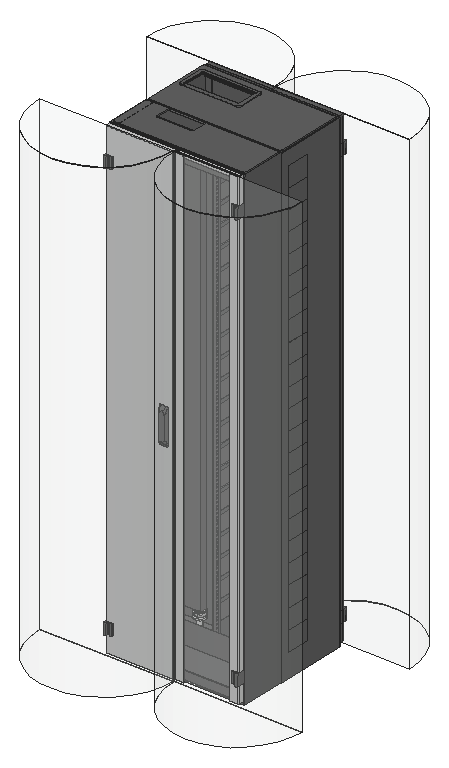
Revit family "Data_Device-Network-Leviton-Distribution_Frame-HDX_F3168", category Data Devices, host Face, Revit 2026 (continued)
Automatic sketch dimensions
  Extrusion 16 sketch curve to Extrusion 16 sketch curve = 0.21752"
  Extrusion 16 sketch curve to plane 6 "Frame Left" = 0.07736"
  plane 4 "Door Kit Rear" to Extrusion 16 sketch curve = 0.35433"
  Extrusion 16 sketch curve to Extrusion 16 sketch curve = 0.13976"
  Extrusion 16 sketch curve to Extrusion 16 sketch curve = 0.19225"
  Extrusion 16 sketch curve to Extrusion 16 sketch curve = 0.05249"
  Extrusion 16 sketch curve to Extrusion 16 sketch curve = 0"  (x4)
  plane 3 "Center (Left/Right)" to Blend 17 sketch curve = 0.99683"
  level to Blend 17 sketch curve = 36.86618"
  Blend 17 sketch curve to Blend 17 sketch curve = 0.07875"
  Blend 17 sketch curve to Blend 17 sketch curve = 0.079"
  Blend 17 sketch curve to Blend 17 sketch curve = 6.14144"
  Blend 17 sketch curve to Blend 17 sketch curve = 0.00001"
  Blend 17 sketch curve to Blend 17 sketch curve = 0.00003"
  Blend 17 sketch curve to Blend 17 sketch curve = 0.07872"
  Blend 17 sketch curve to Blend 17 sketch curve = 1.25958"
  Blend 17 sketch curve to Blend 17 sketch curve = 0.07873"
  Blend 17 sketch curve to Blend 17 sketch curve = 0"  (x14)
  plane 3 "Center (Left/Right)" to Blend 17 sketch curve = 1.6265"
  level to Blend 17 sketch curve = 37.9685"
  Blend 17 sketch curve to Blend 17 sketch curve = 4.01575"
  Blend 17 sketch curve to Blend 17 sketch curve = 0.51181"
  Blend 17 sketch curve to Blend 17 sketch curve = 0.4454"  (x2)
  plane 3 "Center (Left/Right)" to Extrusion 18 sketch curve = 0.7042"  (x3)
  Extrusion 18 sketch curve to Extrusion 18 sketch curve = 0"  (x129)
  Extrusion 18 sketch curve to plane 7 "Frame Right" = 1"  (x44)
  level to Extrusion 18 sketch curve = 4.75"
  level to Extrusion 18 sketch curve = 5.37484"
  Extrusion 18 sketch curve to Extrusion 18 sketch curve = 0.625"  (x88)
  Extrusion 18 sketch curve to Extrusion 18 sketch curve = 0.5"  (x43)
  Extrusion 18 sketch curve to Extrusion 18 sketch curve = 1.75"  (x43)
  Extrusion 19 sketch curve to plane 4 "Door Kit Rear" = 0"  (x2)
  plane 6 "Frame Left" to Extrusion 19 sketch curve = 11.07484"
  Extrusion 19 sketch curve to plane 6 "Frame Left" = 0.31358"
  Extrusion 19 sketch curve to plane 3 "Center (Left/Right)" = 0.1185"
  Extrusion 19 sketch curve to plane 7 "Frame Right" = 0.30571"
  plane 4 "Door Kit Rear" to Extrusion 19 sketch curve = 0.35433"  (x2)
  Extrusion 20 sketch curve to Extrusion 20 sketch curve = 0"  (x11)
  plane 15 to Extrusion 20 sketch curve = 1.07945"
  Extrusion 20 sketch curve to Extrusion 20 sketch curve = 0.1295"
  Extrusion 20 sketch curve to Extrusion 20 sketch curve = 0.18086"
  Extrusion 20 sketch curve to Extrusion 20 sketch curve = 0.06956"
  Extrusion 20 sketch curve to Extrusion 20 sketch curve = 0.12884"
  Extrusion 20 sketch curve to Extrusion 20 sketch curve = 0.15499"
  Extrusion 20 sketch curve to Extrusion 20 sketch curve = 0.05589"
  Extrusion 20 sketch curve to Extrusion 20 sketch curve = 0.05887"
  Extrusion 20 sketch curve to Extrusion 20 sketch curve = 0.04777"
  Extrusion 20 sketch curve to Extrusion 20 sketch curve = 0.14228"
  Extrusion 20 sketch curve to Extrusion 20 sketch curve = 0.22965"
  Extrusion 20 sketch curve to Extrusion 20 sketch curve = 0.05454"
  Extrusion 20 sketch curve to Extrusion 20 sketch curve = 0.10664"
  Extrusion 20 sketch curve to Extrusion 20 sketch curve = 0.19425"
  Extrusion 20 sketch curve to Extrusion 20 sketch curve = 0.13985"
  Extrusion 20 sketch curve to Extrusion 20 sketch curve = 0.05238"
  Extrusion 20 sketch curve to Extrusion 20 sketch curve = 0.12943"
  Extrusion 20 sketch curve to Extrusion 20 sketch curve = 0.07999"
  Extrusion 20 sketch curve to Extrusion 20 sketch curve = 0.19355"
  Extrusion 20 sketch curve to Extrusion 20 sketch curve = 0.12941"
  Extrusion 20 sketch curve to Extrusion 20 sketch curve = 0.35459"
  Extrusion 20 sketch curve to Extrusion 20 sketch curve = 0.11161"
  plane 10 to Extrusion 20 sketch curve = 1.348"
  Extrusion 20 sketch curve to Extrusion 20 sketch curve = 0.03232"
  Extrusion 20 sketch curve to Extrusion 20 sketch curve = 0.03249"
  Extrusion 20 sketch curve to Extrusion 20 sketch curve = 0.23474"
  Extrusion 20 sketch curve to Extrusion 20 sketch curve = 0.00006"
  Extrusion 20 sketch curve to Extrusion 20 sketch curve = 0.11895"
  Extrusion 20 sketch curve to Extrusion 20 sketch curve = 0.29829"
  plane 10 to Extrusion 20 sketch curve = 1.23722"
  Extrusion 20 sketch curve to Extrusion 20 sketch curve = 0.11294"
  Extrusion 20 sketch curve to Extrusion 20 sketch curve = 0.12825"
  Extrusion 20 sketch curve to Extrusion 20 sketch curve = 0.15187"
  Extrusion 20 sketch curve to Extrusion 20 sketch curve = 0.15418"
  plane 10 to Extrusion 20 sketch curve = 0.75462"
  Extrusion 20 sketch curve to Extrusion 20 sketch curve = 0.09581"
  Extrusion 20 sketch curve to Extrusion 20 sketch curve = 0.09584"
  Extrusion 20 sketch curve to Extrusion 20 sketch curve = 0.13055"
  Extrusion 20 sketch curve to Extrusion 20 sketch curve = 0.00829"
  Extrusion 20 sketch curve to Extrusion 20 sketch curve = 0.01128"
  Extrusion 20 sketch curve to Extrusion 20 sketch curve = 0.06018"
  Extrusion 20 sketch curve to Extrusion 20 sketch curve = 0.22623"
  Extrusion 20 sketch curve to Extrusion 20 sketch curve = 0.11901"
  Extrusion 20 sketch curve to Extrusion 20 sketch curve = 0.1078"
  Extrusion 20 sketch curve to Extrusion 20 sketch curve = 0.00362"
  Extrusion 20 sketch curve to Extrusion 20 sketch curve = 0.14255"
  Extrusion 20 sketch curve to Extrusion 20 sketch curve = 0.0958"
  Extrusion 20 sketch curve to Extrusion 20 sketch curve = 0.06123"
  Extrusion 20 sketch curve to Extrusion 20 sketch curve = 0.06311"
  Extrusion 20 sketch curve to Extrusion 20 sketch curve = 0.19579"
  Extrusion 20 sketch curve to Extrusion 20 sketch curve = 0.12112"
  Extrusion 20 sketch curve to Extrusion 20 sketch curve = 0.22755"
  Extrusion 20 sketch curve to Extrusion 20 sketch curve = 0.19876"
  Extrusion 20 sketch curve to Extrusion 20 sketch curve = 0.12206"
  Extrusion 20 sketch curve to Extrusion 20 sketch curve = 0.11907"
  Extrusion 20 sketch curve to Extrusion 20 sketch curve = 0.03245"
  Extrusion 21 sketch curve to plane 8 = 1.05218"  (x15)
  plane 10 to Extrusion 21 sketch curve = 2.82207"
  Extrusion 21 sketch curve to plane 14 "Pivot" = 1.0598"  (x14)
  Extrusion 21 sketch curve to Extrusion 21 sketch curve = 3.49"  (x22)
  Extrusion 21 sketch curve to Extrusion 21 sketch curve = 0.01011"  (x11)
  Extrusion 21 sketch curve to Extrusion 21 sketch curve = 0.01019"  (x5)
  Extrusion 21 sketch curve to Extrusion 21 sketch curve = 0.00988"  (x3)
  Extrusion 21 sketch curve to Extrusion 21 sketch curve = 0.00956"
  Extrusion 21 sketch curve to Extrusion 21 sketch curve = 0.00924"
  Extrusion 21 sketch curve to Extrusion 21 sketch curve = 0"  (x15)
  Extrusion 22 sketch curve to plane 8 = 1.05218"  (x11)
  plane 10 to Extrusion 22 sketch curve = 2.82207"
  Extrusion 22 sketch curve to plane 14 "Pivot" = 1.0598"  (x15)
  Extrusion 22 sketch curve to Extrusion 22 sketch curve = 3.49"  (x22)
  Extrusion 22 sketch curve to Extrusion 22 sketch curve = 0.01011"  (x11)
  Extrusion 22 sketch curve to Extrusion 22 sketch curve = 0.01019"  (x5)
  Extrusion 22 sketch curve to Extrusion 22 sketch curve = 0.00988"  (x3)
  Extrusion 22 sketch curve to Extrusion 22 sketch curve = 0.00956"
  Extrusion 22 sketch curve to Extrusion 22 sketch curve = 0.00924"
  Extrusion 22 sketch curve to Extrusion 22 sketch curve = 0"  (x18)
  curve 2 to plane 4 "Door Kit Rear" = 0"
  curve 5 to plane 4 "Door Kit Rear" = 0"
  plane 6 "Frame Left" to curve 3 = 11.07484"
  curve 2 to plane 6 "Frame Left" = 0.31358"
  curve 5 to plane 3 "Center (Left/Right)" = 0.1185"
  curve 4 to plane 7 "Frame Right" = 0.30571"
  plane 4 "Door Kit Rear" to curve 2 = 0.35433"
  plane 4 "Door Kit Rear" to curve 4 = 0.35433"
  radius of Extrusion 18 sketch curve = 0.0945"  (x176)
  radius of Extrusion 20 sketch curve = 0.11253"
Nested families (in)
  nested 1: "Data_Device-Network-Leviton-Distribution_Frame-HDX-F3168-Cable_Manager" at (-9.3815, 6.0127, 76.63897), type "F3168-22F Cable Manager"
  nested 2: "Data_Device-Network-Leviton-Distribution_Frame-HDX-F3168-Cable_Manager" at (-9.3815, 6.0127, 68.63897), type "F3168-22F Cable Manager"
  nested 3: "Data_Device-Network-Leviton-Distribution_Frame-HDX-F3168-Cable_Manager" at (-9.3815, 6.0127, 60.63897), type "F3168-22F Cable Manager"
  nested 4: "Data_Device-Network-Leviton-Distribution_Frame-HDX-F3168-Cable_Manager" at (-9.3815, 6.0127, 52.63897), type "F3168-22F Cable Manager"
  nested 5: "Data_Device-Network-Leviton-Distribution_Frame-HDX-F3168-Cable_Manager" at (-9.3815, 6.0127, 44.63897), type "F3168-22F Cable Manager"
  nested 6: "Data_Device-Network-Leviton-Distribution_Frame-HDX-F3168-Cable_Manager" at (-9.3815, 6.0127, 36.63897), type "F3168-22F Cable Manager"
  nested 7: "Data_Device-Network-Leviton-Distribution_Frame-HDX-F3168-Cable_Manager" at (-9.3815, 6.0127, 28.63897), type "F3168-22F Cable Manager"
  nested 8: "Data_Device-Network-Leviton-Distribution_Frame-HDX-F3168-Cable_Manager" at (-9.3815, 6.0127, 20.63897), type "F3168-22F Cable Manager"
  nested 9: "Data_Device-Network-Leviton-Distribution_Frame-HDX-F3168-Cable_Manager" at (-9.3815, 6.0127, 12.63897), type "F3168-22F Cable Manager"
  nested 10: "Data_Device-Network-Leviton-Distribution_Frame-HDX_F3168-FDR" at (0, 0, 0), visible <- "Optional Door Kit", type "F3168-FDR"
    with z Door Kit Visible yes, z Connector Detail Visible no, z Collapse no, Width 23.89", Weight 0.00 lbf, UPC Code "", Serial Number "", Port Count 0, Part Number "F3168-FDR", Optional Door Kit yes, Height 84.1", Fiber Type "", Depth 9.87", Channel Count 0
Definition of nested family "Data_Device-Network-Leviton-Distribution_Frame-HDX-F3168-Cable_Manager"
  Parameters
    Material = none
    Default Elevation = 48"
  Reference planes (in)
    plane 1 "Center (Front/Back)": y = 0
    plane 2: z = 0
    plane 3 "Center (Left/Right)": x = 0
  Forms (in)
    Revolve 1, solid, material <- "Material"
      sketch origin (0, 0, 0) x (0, 1, 0) y (0, 0, 1)
        loop
          arc (-6.05768, 1.40408) -> (-6.57993, 1.62807) -> (-6.7952, 2.15397) r 0.75
          line (-6.7952, 2.15397) -> (-6.8952, 2.15397)
          arc (-6.8952, 2.15397) -> (-6.65124, 1.55797) -> (-6.05939, 1.30409) r 0.85
          line (-6.05939, 1.30409) -> (-0.1, 1.20007) -> (-0.1, 0) -> (0, 0) -> (0, 1.29834) -> (-6.05768, 1.40408)
        axis (0, 0) -> (-6.8952, 0)
      angle from 0 to 360
    Extrusion 2, solid, material <- "Material"
      sketch origin (0, 0, 0) x (1, 0, 0) y (0, 0, 1)
        loop
          arc (1.43543, 2.04915) -> (-1.4443, 3.0967) -> (-2.4922, 0.21709) r 2.16695
          line (-2.4922, 0.21709) -> (-1.43565, -2.04868)
          arc (-1.43565, -2.04868) -> (1.44369, -3.09698) -> (2.49255, -0.21785) r 2.16695
          line (2.49255, -0.21785) -> (1.43543, 2.04915)
        loop
          circle (0, 0) r 2.15397
      from 6.7952 to 6.8952
  Dimensions and locks (in)
    aligned and locked: plane 2 to level
Definition of nested family "Data_Device-Network-Leviton-Distribution_Frame-HDX_F3168-FDR"
  Parameters (values of type "F3168-FDR")
    z Door Kit Visible [instance] = Optional Door Kit  # yes
    z Connector Detail Visible [instance] = not(z Door Kit Visible)  # no
    z Collapse [instance] = not(Optional Door Kit)  # no
    Width [instance] = 23.89"  # constant formula
    Weight [instance] = 0.00 lbf
    URL = "http://www.leviton.com/networksolutions"
    UPC Code [instance] = "078477660805"
    Type Comments = ""
    Technical Support Phone Number = "1-800-824-3005"  # constant formula
    Serial Number [instance] = ""
    Provide Feedback = "http://www.leviton.com/BIMfeedback"
    Product Documentation Link = "https://leviton.com/products/f3168-fdr"
    Product Configurator Link = ""
    Port Count [instance] = 0
    Part Number [instance] = "F3168-FDR"  # constant formula
    Part Description = Description  # "HDX Frame Front Door Kit"
    Original Creation Date = "2025"  # constant formula
    Optional Door Kit [instance] = yes
    Model Disclaimer = "https://leviton.com/support/resources/product-support/network-solutions/bim-objects/bim-library"
    Model = "F3168-FDR"  # constant formula
    Manufacturer = "Leviton"  # constant formula
    Height [instance] = 84.1"  # constant formula
    Fiber Type [instance] = ""
    Family Version = "1.0"  # constant formula
    Equipment Type = ""
    Equipment Abbreviation = "HDX"  # constant formula
    Description = "HDX Frame Front Door Kit"  # constant formula
    Depth [instance] = 9.87"  # constant formula
    Default Elevation = 0"
    Date Last Modified = "2025"  # constant formula
    Copyright = "Copyright © 2025 Leviton Manufacturing Co., Inc."  # constant formula
    Check for Latest Version = "https://leviton.com/support/resources/product-support/network-solutions/bim-objects/bim-library"
    Channel Count [instance] = 0
    Assembly Code = "D5030600"
    Annotation Symbol is Visible = yes
  Reference planes (in)
    plane 1 "Door Kit Front": y = 6.0725
    plane 2 "Floor": z = 0
    plane 3 "Center (Left/Right)": x = -0.9065
    plane 4: y = -2.95113
    plane 5: x = -12.8515
    plane 6: x = 11.0385
    plane 7: z = 84.1
    plane 8: y = -1.82291
    plane 9: z = 81.93792
  Forms (in)
    Extrusion 1, solid, not visible, detail levels fine
      sketch origin (0, 0, 0) x (1, 0, 0) y (0, 1, 0)
        loop
          line (-34.9315, 46.0725) -> (-34.9315, -16.15111) -> (33.4524, -16.15111) -> (33.4524, 46.0725) -> (-34.9315, 46.0725)
      from 0 to -7.88728
    Extrusion 2, solid
      sketch origin (0, 0, 0) x (1, 0, 0) y (0, 1, 0)
        loop
          line (10.9339, -1.8229) -> (9.53475, -1.8229) -> (9.53475, -1.9275) -> (10.9235, -1.9275)
          arc (10.9235, -1.9275) -> (11.00482, -1.89382) -> (11.0385, -1.8125) r 0.115
          line (11.0385, -1.8125) -> (11.0385, 6.0725) -> (10.9339, 6.0725) -> (10.9339, -1.8229)
        loop
          line (-12.7469, -1.82291) -> (-12.7469, 6.0725) -> (-12.8515, 6.0725) -> (-12.8515, -1.81251)
          arc (-12.8515, -1.81251) -> (-12.81782, -1.89382) -> (-12.7365, -1.92751) r 0.115
          line (-12.7365, -1.92751) -> (-11.3515, -1.92751) -> (-11.3515, -1.82291) -> (-12.7469, -1.82291)
      from 0 to 83.99688
    Extrusion 3, solid
      sketch origin (0, 0, 84.18) x (-1, 0, 0) y (0, -1, 0)
        loop
          line (-10.3435, -6.0725) -> (1.9565, -6.0725)
          arc (1.9565, -6.0725) -> (2.09792, -6.01392) -> (2.1565, -5.8725) r 0.2
          line (2.1565, -5.8725) -> (2.1565, -3.27271)
          arc (2.1565, -3.27271) -> (2.21508, -3.13129) -> (2.3565, -3.07271) r 0.2
          line (2.3565, -3.07271) -> (8.45613, -3.07241)
          arc (8.45613, -3.07241) -> (8.59778, -3.13116) -> (8.65627, -3.27293) r 0.20014
          line (8.65627, -3.27293) -> (8.65627, -5.8725)
          arc (8.65627, -5.8725) -> (8.71508, -6.01392) -> (8.8565, -6.0725) r 0.2
          line (8.8565, -6.0725) -> (12.15645, -6.0725)
          arc (12.15645, -6.0725) -> (12.50997, -5.92559) -> (12.65641, -5.57207) r 0.49995
          line (12.65641, -5.57207) -> (12.65641, 1.17699)
          arc (12.65641, 1.17699) -> (12.5101, 1.53091) -> (12.15632, 1.67755) r 0.50009
          line (12.15632, 1.67755) -> (-10.3435, 1.67755)
          arc (-10.3435, 1.67755) -> (-10.69705, 1.53091) -> (-10.8435, 1.17735) r 0.5
          line (-10.8435, 1.17735) -> (-10.8435, -5.57232)
          arc (-10.8435, -5.57232) -> (-10.69711, -5.92599) -> (-10.3435, -6.0725) r 0.5
      from -0.08 to -0.18312
    Extrusion 4, solid
      sketch origin (-1.783, 17.14499, 84.18) x (1, 0, 0) y (0, 1, 0)
        loop
          line (11.36893, -20.07644) -> (11.36893, -20.19455) -> (11.44767, -20.27329) -> (11.82759, -20.27329) -> (11.92011, -20.18077) -> (12.17602, -20.18077) -> (12.28626, -20.291) -> (12.28626, -20.50294)
          arc (12.28626, -20.50294) -> (12.54298, -20.68519) -> (12.75279, -20.45045) r 0.23622
          line (12.75279, -20.45045) -> (12.75279, -19.0725) -> (11.38271, -19.0725) -> (11.38271, -19.11187)
          arc (11.38271, -19.11187) -> (11.42884, -19.22323) -> (11.54019, -19.26935) r 0.15748
          line (11.54019, -19.26935) -> (12.62878, -19.26935) -> (12.62878, -19.95144)
          arc (12.62878, -19.95144) -> (12.59216, -20.03983) -> (12.50378, -20.07644) r 0.125
          line (12.50378, -20.07644) -> (11.36893, -20.07644)
        loop
          line (-9.61515, -20.09612) -> (-10.75, -20.09612)
          arc (-10.75, -20.09612) -> (-10.83838, -20.05951) -> (-10.875, -19.97112) r 0.125
          line (-10.875, -19.97112) -> (-10.875, -19.26935) -> (-9.78641, -19.26935)
          arc (-9.78641, -19.26935) -> (-9.67506, -19.22323) -> (-9.62893, -19.11187) r 0.15748
          line (-9.62893, -19.11187) -> (-9.62893, -19.0725) -> (-10.99901, -19.0725) -> (-10.99901, -20.45045)
          arc (-10.99901, -20.45045) -> (-10.7892, -20.68519) -> (-10.53248, -20.50294) r 0.23622
          line (-10.53248, -20.50294) -> (-10.53248, -20.31069) -> (-10.42224, -20.20045) -> (-10.16633, -20.20045) -> (-10.07382, -20.29297) -> (-9.69389, -20.29297) -> (-9.61515, -20.21423) -> (-9.61515, -20.09612)
      from -4.69181 to -6.65638
    Extrusion 5, solid
      sketch origin (-1.783, 17.14499, 84.18) x (1, 0, 0) y (0, 1, 0)
        loop
          line (11.36893, -20.07644) -> (11.36893, -20.19455) -> (11.44767, -20.27329) -> (11.82759, -20.27329) -> (11.92011, -20.18077) -> (12.17602, -20.18077) -> (12.28626, -20.291) -> (12.28626, -20.50294)
          arc (12.28626, -20.50294) -> (12.54298, -20.68519) -> (12.75279, -20.45045) r 0.23622
          line (12.75279, -20.45045) -> (12.75279, -19.0725) -> (11.38271, -19.0725) -> (11.38271, -19.11187)
          arc (11.38271, -19.11187) -> (11.42884, -19.22323) -> (11.54019, -19.26935) r 0.15748
          line (11.54019, -19.26935) -> (12.62878, -19.26935) -> (12.62878, -19.95144)
          arc (12.62878, -19.95144) -> (12.59216, -20.03983) -> (12.50378, -20.07644) r 0.125
          line (12.50378, -20.07644) -> (11.36893, -20.07644)
        loop
          line (-9.61515, -20.09612) -> (-10.75, -20.09612)
          arc (-10.75, -20.09612) -> (-10.83838, -20.05951) -> (-10.875, -19.97112) r 0.125
          line (-10.875, -19.97112) -> (-10.875, -19.26935) -> (-9.78641, -19.26935)
          arc (-9.78641, -19.26935) -> (-9.67506, -19.22323) -> (-9.62893, -19.11187) r 0.15748
          line (-9.62893, -19.11187) -> (-9.62893, -19.0725) -> (-10.99901, -19.0725) -> (-10.99901, -20.45045)
          arc (-10.99901, -20.45045) -> (-10.7892, -20.68519) -> (-10.53248, -20.50294) r 0.23622
          line (-10.53248, -20.50294) -> (-10.53248, -20.31069) -> (-10.42224, -20.20045) -> (-10.16633, -20.20045) -> (-10.07382, -20.29297) -> (-9.69389, -20.29297) -> (-9.61515, -20.21423) -> (-9.61515, -20.09612)
      from -78.67606 to -80.64063
    Extrusion 6, solid
      sketch origin (-1.813, 17.14499, 84.18) x (1, 0, 0) y (0, 1, 0)
        loop
          line (1.055, -19.29612) -> (-10.845, -19.29612) -> (-10.845, -19.97112)
          arc (-10.845, -19.97112) -> (-10.80838, -20.05951) -> (-10.72, -20.09612) r 0.125
          line (-10.72, -20.09612) -> (0.93, -20.09612)
          arc (0.93, -20.09612) -> (1.01839, -20.05951) -> (1.055, -19.97112) r 0.125
          line (1.055, -19.97112) -> (1.055, -19.29612)
      from -83.69575 to -0.18394
    Blend 7, solid
      base sketch origin (-1.783, -7.95112, 0) x (0, 0, 1) y (-1, 0, 0)
        loop
          line (36.94518, 0.01133) -> (43.08663, 0.01133)
          arc (43.08663, 0.01133) -> (43.14231, 0.03439) -> (43.16538, 0.09008) r 0.07875
          line (43.16538, 0.09008) -> (43.16538, 1.34993)
          arc (43.16538, 1.34993) -> (43.14232, 1.4056) -> (43.08665, 1.42866) r 0.07872
          line (43.08665, 1.42866) -> (36.94493, 1.42866)
          arc (36.94493, 1.42866) -> (36.88924, 1.40559) -> (36.86618, 1.34991) r 0.07875
          line (36.86618, 1.34991) -> (36.86618, 0.09033)
          arc (36.86618, 0.09033) -> (36.88931, 0.03447) -> (36.94518, 0.01133) r 0.079
      top sketch origin (-1.783, -7.95112, 0) x (0, 0, 1) y (-1, 0, 0)
        loop
          arc (37.9685, 1.23181) -> (37.71072, 1.16215) -> (37.52311, 0.97213) r 0.51181
          arc (37.52311, 0.97213) -> (37.45669, 0.72) -> (37.52311, 0.46786) r 0.51181
          arc (37.52311, 0.46786) -> (37.71072, 0.27784) -> (37.9685, 0.20818) r 0.51181
          line (37.9685, 0.20818) -> (41.98425, 0.20818)
          arc (41.98425, 0.20818) -> (42.24204, 0.27784) -> (42.42965, 0.46786) r 0.51181
          arc (42.42965, 0.46786) -> (42.49606, 0.72) -> (42.42965, 0.97213) r 0.51181
          arc (42.42965, 0.97213) -> (42.24204, 1.16215) -> (41.98425, 1.23181) r 0.51181
          line (41.98425, 1.23181) -> (37.9685, 1.23181)
      from -4.99999 to -4.53543
    Extrusion 8, solid
      sketch origin (0, 0, 84.18) x (-1, 0, 0) y (0, -1, 0)
        loop
          line (1.29004, 2.08144) -> (0.66319, 2.08144)
          arc (0.66319, 2.08144) -> (0.62212, 2.09804) -> (0.60504, 2.13892) r 0.05748
          line (0.60504, 2.13892) -> (0.60504, 2.80877)
          arc (0.60504, 2.80877) -> (0.56924, 2.8955) -> (0.48256, 2.93144) r 0.12248
          line (0.48256, 2.93144) -> (-1.01744, 2.93144) -> (-1.01744, 2.86644) -> (0.48256, 2.86644)
          arc (0.48256, 2.86644) -> (0.52321, 2.8496) -> (0.54007, 2.80896) r 0.05748
          line (0.54007, 2.80896) -> (0.54007, 2.13882)
          arc (0.54007, 2.13882) -> (0.57618, 2.05199) -> (0.66321, 2.01638) r 0.12244
          line (0.66321, 2.01638) -> (1.29004, 2.01638) -> (1.29004, 2.08144)
        loop
          line (-10.69496, 2.86644) -> (-9.21744, 2.86644) -> (-9.21744, 2.93144) -> (-10.69496, 2.93144)
          arc (-10.69496, 2.93144) -> (-10.7816, 2.89553) -> (-10.81744, 2.80885) r 0.12248
          line (-10.81744, 2.80885) -> (-10.81744, 2.12436) -> (-10.75244, 2.12436) -> (-10.75244, 2.80896)
          arc (-10.75244, 2.80896) -> (-10.7356, 2.8496) -> (-10.69496, 2.86644) r 0.05748
      from -0.18394 to -83.69575
    Extrusion 9, solid
      sketch origin (0, 0, 84.18) x (-1, 0, 0) y (0, -1, 0)
        loop
          line (0.48256, 2.61644) -> (0.48256, 2.86644) -> (-10.71744, 2.86644) -> (-10.71744, 2.61644) -> (0.48256, 2.61644)
      from -0.18394 to -83.69575
    Extrusion 10, solid
      sketch origin (0, 20.09612, 0) x (0, 0, 1) y (1, 0, 0)
        loop
          line (83.89228, 9.7885) -> (83.99688, 9.7885) -> (83.99688, 10.9339) -> (83.89228, 10.9339) -> (83.89228, 9.7885)
        loop
          line (83.89228, -11.6015) -> (83.89228, -12.7469) -> (83.99688, -12.7469) -> (83.99688, -11.6015) -> (83.89228, -11.6015)
      from -21.91903 to -14.02362
    Extrusion 11, solid
      sketch origin (0, 20.09612, 0) x (0, 0, 1) y (1, 0, 0)
        loop
          line (83.83688, 10.81744) -> (82.23688, 10.81744) -> (82.23688, 9.4685) -> (81.9348, 9.4685) -> (81.9348, -0.0315) -> (82.23688, -0.0315) -> (82.23688, -1.7815) -> (81.9348, -1.7815) -> (81.9348, -11.2815) -> (82.23688, -11.2815) -> (82.23688, -12.6315) -> (83.83688, -12.6315) -> (83.83688, 10.81744)
        loop
          line (1.67188, -12.6315) -> (1.67188, 10.81744) -> (0.22188, 10.81744) -> (0.22188, -12.6315) -> (1.67188, -12.6315)
      from -21.91903 to -21.81403
    Extrusion 12, solid
      sketch origin (-0.9065, 0, 0) x (0, 1, 0) y (0, 0, 1)
        loop
          line (-2.61644, 83.99606) -> (-2.61644, 83.89106) -> (-2.12138, 83.89106) -> (-2.12138, 82.99606) -> (-2.01638, 82.99606) -> (-2.01638, 83.99606) -> (-2.61644, 83.99606)
      from 0.36643 to 11.65894
    Extrusion 13, solid
      sketch origin (0, 0, 84.18) x (-1, 0, 0) y (0, -1, 0)
        loop
          arc (24.33359, 2.95113) -> (12.54579, 15.09858) -> (0.758, 2.95113) r 11.79312
          line (0.758, 2.95113) -> (24.33359, 2.95113)
        loop
          arc (0.60504, 2.95113) -> (-10.73357, 14.64961) -> (-22.07219, 2.95113) r 11.34415
          line (-22.07219, 2.95113) -> (0.60504, 2.95113)
      from -0.08 to -84.18
  Cuts and joins
    joined: Extrusion 2, Extrusion 10
  Lines and regions (in)
    Masking region 1, visible <- "z Door Kit Visible"
      outline origin (11.0685, 0, 0) x (0, 0, 1) y (0, -1, 0)
        loop
          line (0, -5.49195) -> (0, -6.0725) -> (84.1, -6.0725) -> (84.1, -5.49195) -> (0, -5.49195)
    symbolic lines
      curve 1: line (-0.9065, -2.95113, 84.1) -> (-0.9065, -15.09858, 84.1)
      curve 2: line (-0.9065, -2.95113, 0) -> (-0.9065, -2.95113, 84.1)
      curve 3: line (-0.9065, -15.09858, 0) -> (-0.9065, -2.95113, 0)
      curve 4: line (-0.9065, -15.09858, 84.1) -> (-0.9065, -15.09858, 0)
      curve 5: line (-0.758, -2.95113, 84.18) -> (-24.33359, -2.95113, 84.18)
      curve 6: arc (-24.33359, -2.95113, 84.18) -> (-12.54579, -15.09858, 84.18) -> (-0.758, -2.95113, 84.18) r 11.79312
      curve 7: line (22.07219, -2.95113, 84.18) -> (-0.60504, -2.95113, 84.18)
      curve 8: arc (-0.60504, -2.95113, 84.18) -> (10.73357, -14.64961, 84.18) -> (22.07219, -2.95113, 84.18) r 11.34415
  Dimensions and locks (in)
    equal spacing: plane 5, plane 3 "Center (Left/Right)", plane 6
    "Width": plane 5 to plane 6
    "Height": level to plane 7
    locked: plane 4 to plane 1 "Door Kit Front" at 9.02363
    locked: plane 8 to plane 4 at 1.12822
    aligned and locked: Extrusion 1 to plane 2 "Floor"
    aligned and locked: Extrusion 1 to level
  Automatic sketch dimensions
    Extrusion 1 sketch curve to Extrusion 1 sketch curve = 68.3839"
    Extrusion 1 sketch curve to Extrusion 1 sketch curve = 62.22361"
    Masking region 1 sketch curve to level = 0"
    Masking region 1 sketch curve to plane 1 "Door Kit Front" = 0"
    plane 7 to Masking region 1 sketch curve = 0"
    plane 1 "Door Kit Front" to Masking region 1 sketch curve = 0.58055"
    Extrusion 2 sketch curve to plane 5 = 0"
    plane 1 "Door Kit Front" to Extrusion 2 sketch curve = 0"  (x2)
    Extrusion 2 sketch curve to plane 8 = 0"
    Extrusion 2 sketch curve to plane 6 = 0"
    plane 5 to Extrusion 2 sketch curve = 0.1046"
    Extrusion 2 sketch curve to Extrusion 2 sketch curve = 0.0104"  (x2)
    Extrusion 2 sketch curve to plane 8 = 0.1046"
    Extrusion 2 sketch curve to Extrusion 2 sketch curve = 1.385"
    plane 8 to Extrusion 2 sketch curve = 0"
    Extrusion 2 sketch curve to plane 6 = 1.50375"
    plane 8 to Extrusion 2 sketch curve = 0.0104"
    Extrusion 2 sketch curve to plane 6 = 0.115"
    plane 1 "Door Kit Front" to Extrusion 3 sketch curve = 0"  (x2)
    Extrusion 3 sketch curve to plane 6 = 0.195"
    Extrusion 3 sketch curve to Extrusion 3 sketch curve = 0.5"  (x3)
    plane 1 "Door Kit Front" to Extrusion 3 sketch curve = 0.2"
    Extrusion 3 sketch curve to plane 3 "Center (Left/Right)" = 1.05"
    Extrusion 3 sketch curve to plane 3 "Center (Left/Right)" = 1.25"
    Extrusion 3 sketch curve to Extrusion 3 sketch curve = 0.2"  (x2)
    plane 1 "Door Kit Front" to Extrusion 3 sketch curve = 2.79994"
    plane 5 to Extrusion 3 sketch curve = 4.39537"
    Extrusion 3 sketch curve to Extrusion 3 sketch curve = 0.20014"
    Extrusion 3 sketch curve to Extrusion 3 sketch curve = 0.20023"
    plane 5 to Extrusion 3 sketch curve = 0.69518"
    plane 5 to Extrusion 3 sketch curve = 0.69505"
    plane 5 to Extrusion 3 sketch curve = 0.19509"
    Extrusion 3 sketch curve to Extrusion 3 sketch curve = 0.00017"
    Extrusion 3 sketch curve to Extrusion 3 sketch curve = 0.50043"
    Extrusion 3 sketch curve to Extrusion 3 sketch curve = 0.00037"
    Extrusion 3 sketch curve to Extrusion 3 sketch curve = 0.2003"
    plane 8 to Extrusion 3 sketch curve = 0.64592"
    plane 8 to Extrusion 3 sketch curve = 0.64555"
    Extrusion 3 sketch curve to Extrusion 3 sketch curve = 0.00048"
    Extrusion 3 sketch curve to Extrusion 3 sketch curve = 0"  (x9)
    Extrusion 3 sketch curve to Extrusion 3 sketch curve = 0.00023"
    Extrusion 4 sketch curve to plane 4 = 0"
    plane 5 to Extrusion 4 sketch curve = 0.06949"
    plane 5 to Extrusion 4 sketch curve = 0.1935"
    Extrusion 4 sketch curve to Extrusion 4 sketch curve = 0.23622"
    Extrusion 4 sketch curve to Extrusion 4 sketch curve = 0.125"  (x2)
    Extrusion 4 sketch curve to plane 4 = 0.21457"
    Extrusion 4 sketch curve to Extrusion 4 sketch curve = 0.23031"  (x2)
    Extrusion 4 sketch curve to plane 4 = 0.10433"
    Extrusion 4 sketch curve to Extrusion 4 sketch curve = 0.11024"  (x3)
    Extrusion 4 sketch curve to Extrusion 4 sketch curve = 0.25591"  (x2)
    Extrusion 4 sketch curve to plane 4 = 0.19685"
    Extrusion 4 sketch curve to Extrusion 4 sketch curve = 0.09252"  (x2)
    Extrusion 4 sketch curve to plane 8 = 0.30145"
    Extrusion 4 sketch curve to Extrusion 4 sketch curve = 0.37992"  (x3)
    Extrusion 4 sketch curve to Extrusion 4 sketch curve = 0.15748"  (x2)
    Extrusion 4 sketch curve to Extrusion 4 sketch curve = 0.07874"  (x3)
    Extrusion 4 sketch curve to plane 4 = 0.09843"
    Extrusion 4 sketch curve to plane 6 = 1.45257"
    Extrusion 4 sketch curve to plane 8 = 0.1046"  (x2)
    Extrusion 4 sketch curve to Extrusion 4 sketch curve = 0.01378"
    Extrusion 4 sketch curve to plane 4 = 0.17717"
    Extrusion 4 sketch curve to plane 4 = 0.08465"
    plane 4 to Extrusion 4 sketch curve = 0.01968"
    Extrusion 4 sketch curve to Extrusion 4 sketch curve = 0.21752"
    Extrusion 4 sketch curve to plane 6 = 0.06871"
    Extrusion 4 sketch curve to plane 4 = 0.35433"
    Extrusion 4 sketch curve to Extrusion 4 sketch curve = 0.13976"
    Extrusion 4 sketch curve to Extrusion 4 sketch curve = 0.19225"
    Extrusion 4 sketch curve to Extrusion 4 sketch curve = 0.05249"
    Extrusion 4 sketch curve to Extrusion 4 sketch curve = 0.19685"
    Extrusion 4 sketch curve to plane 8 = 0.14397"  (x2)
    Extrusion 4 sketch curve to Extrusion 4 sketch curve = 0"  (x4)
    Extrusion 5 sketch curve to plane 4 = 0"
    plane 5 to Extrusion 5 sketch curve = 0.06949"
    plane 5 to Extrusion 5 sketch curve = 0.1935"
    Extrusion 5 sketch curve to Extrusion 5 sketch curve = 0.23622"
    Extrusion 5 sketch curve to Extrusion 5 sketch curve = 0.125"  (x2)
    Extrusion 5 sketch curve to plane 4 = 0.21457"
    Extrusion 5 sketch curve to Extrusion 5 sketch curve = 0.23031"  (x2)
    Extrusion 5 sketch curve to plane 4 = 0.10433"
    Extrusion 5 sketch curve to Extrusion 5 sketch curve = 0.11024"  (x3)
    Extrusion 5 sketch curve to Extrusion 5 sketch curve = 0.25591"  (x2)
    Extrusion 5 sketch curve to plane 4 = 0.19685"
    Extrusion 5 sketch curve to Extrusion 5 sketch curve = 0.09252"  (x2)
    Extrusion 5 sketch curve to plane 8 = 0.30145"
    Extrusion 5 sketch curve to Extrusion 5 sketch curve = 0.37992"  (x3)
    Extrusion 5 sketch curve to Extrusion 5 sketch curve = 0.15748"  (x2)
    Extrusion 5 sketch curve to Extrusion 5 sketch curve = 0.07874"  (x3)
    Extrusion 5 sketch curve to plane 4 = 0.09843"
    Extrusion 5 sketch curve to plane 6 = 1.45257"
    Extrusion 5 sketch curve to plane 8 = 0.1046"  (x2)
    Extrusion 5 sketch curve to Extrusion 5 sketch curve = 0.01378"
    Extrusion 5 sketch curve to plane 4 = 0.17717"
    Extrusion 5 sketch curve to plane 4 = 0.08465"
    plane 4 to Extrusion 5 sketch curve = 0.01968"
    Extrusion 5 sketch curve to Extrusion 5 sketch curve = 0.21752"
    Extrusion 5 sketch curve to plane 6 = 0.06871"
    Extrusion 5 sketch curve to plane 4 = 0.35433"
    Extrusion 5 sketch curve to Extrusion 5 sketch curve = 0.13976"
    Extrusion 5 sketch curve to Extrusion 5 sketch curve = 0.19225"
    Extrusion 5 sketch curve to Extrusion 5 sketch curve = 0.05249"
    Extrusion 5 sketch curve to Extrusion 5 sketch curve = 0.19685"
    Extrusion 5 sketch curve to plane 8 = 0.14397"  (x2)
    Extrusion 5 sketch curve to Extrusion 5 sketch curve = 0"  (x4)
    Extrusion 6 sketch curve to plane 4 = 0"
    plane 5 to Extrusion 6 sketch curve = 0.1935"
    Extrusion 6 sketch curve to Extrusion 6 sketch curve = 0.125"
    plane 3 "Center (Left/Right)" to Extrusion 6 sketch curve = 0.0235"
    plane 4 to Extrusion 6 sketch curve = 0.125"
    Extrusion 6 sketch curve to plane 8 = 0.32822"
    Blend 7 sketch curve to plane 3 "Center (Left/Right)" = 0.96683"
    level to Blend 7 sketch curve = 36.86618"
    Blend 7 sketch curve to Blend 7 sketch curve = 0.07875"
    Blend 7 sketch curve to Blend 7 sketch curve = 0.079"
    Blend 7 sketch curve to Blend 7 sketch curve = 6.14145"
    Blend 7 sketch curve to Blend 7 sketch curve = 0.00003"
    Blend 7 sketch curve to Blend 7 sketch curve = 0.07872"
    Blend 7 sketch curve to Blend 7 sketch curve = 1.25958"
    Blend 7 sketch curve to Blend 7 sketch curve = 0"  (x14)
    Blend 7 sketch curve to plane 3 "Center (Left/Right)" = 1.5965"
    level to Blend 7 sketch curve = 37.9685"
    Blend 7 sketch curve to Blend 7 sketch curve = 4.01575"
    Blend 7 sketch curve to Blend 7 sketch curve = 0.51181"
    Blend 7 sketch curve to Blend 7 sketch curve = 0.4454"  (x2)
    Extrusion 8 sketch curve to Extrusion 8 sketch curve = 0"  (x12)
    Extrusion 8 sketch curve to plane 6 = 0.22106"
    Extrusion 8 sketch curve to Extrusion 8 sketch curve = 0.065"  (x2)
    Extrusion 8 sketch curve to Extrusion 8 sketch curve = 0.05748"  (x2)
    plane 4 to Extrusion 8 sketch curve = 0.08469"
    Extrusion 8 sketch curve to Extrusion 8 sketch curve = 1.47752"
    plane 4 to Extrusion 8 sketch curve = 0.01968"  (x2)
    plane 3 "Center (Left/Right)" to Extrusion 8 sketch curve = 1.92394"
    plane 4 to Extrusion 8 sketch curve = 0.14217"
    plane 3 "Center (Left/Right)" to Extrusion 8 sketch curve = 0.42394"
    plane 3 "Center (Left/Right)" to Extrusion 8 sketch curve = 0.36643"
    Extrusion 8 sketch curve to Extrusion 8 sketch curve = 0.06498"
    Extrusion 8 sketch curve to Extrusion 8 sketch curve = 0.05746"
    Extrusion 8 sketch curve to Extrusion 8 sketch curve = 0.00002"  (x3)
    Extrusion 8 sketch curve to Extrusion 8 sketch curve = 0.00068"
    Extrusion 8 sketch curve to plane 3 "Center (Left/Right)" = 0.38354"
    Extrusion 8 sketch curve to Extrusion 8 sketch curve = 0.05759"
    Extrusion 8 sketch curve to Extrusion 8 sketch curve = 0.00019"
    Extrusion 8 sketch curve to plane 8 = 0.31601"
    Extrusion 8 sketch curve to Extrusion 8 sketch curve = 0.0001"
    Extrusion 8 sketch curve to plane 8 = 0.30145"
    Extrusion 8 sketch curve to Extrusion 8 sketch curve = 0.06506"
    Extrusion 9 sketch curve to plane 6 = 0.32106"
    plane 4 to Extrusion 9 sketch curve = 0.08469"
    plane 3 "Center (Left/Right)" to Extrusion 9 sketch curve = 0.42394"
    Extrusion 9 sketch curve to Extrusion 9 sketch curve = 0.25"
    plane 7 to Extrusion 10 sketch curve = 0.20772"  (x2)
    plane 7 to Extrusion 10 sketch curve = 0.10312"  (x2)
    plane 5 to Extrusion 10 sketch curve = 0.1046"
    Extrusion 10 sketch curve to Extrusion 10 sketch curve = 1.1454"
    Extrusion 10 sketch curve to plane 6 = 1.25"
    Extrusion 10 sketch curve to plane 6 = 0.1046"
    level to Extrusion 11 sketch curve = 0.22188"
    Extrusion 11 sketch curve to plane 6 = 0.22106"  (x2)
    Extrusion 11 sketch curve to Extrusion 11 sketch curve = 1.45"
    plane 9 to Extrusion 11 sketch curve = 0.00312"  (x2)
    Extrusion 11 sketch curve to plane 9 = 0.29896"  (x3)
    plane 7 to Extrusion 11 sketch curve = 0.26312"
    Extrusion 11 sketch curve to Extrusion 11 sketch curve = 1.34894"
    plane 3 "Center (Left/Right)" to Extrusion 11 sketch curve = 0.875"
    Extrusion 11 sketch curve to plane 3 "Center (Left/Right)" = 0.875"
    plane 5 to Extrusion 11 sketch curve = 1.57"
    plane 5 to Extrusion 11 sketch curve = 0.22"  (x2)
    plane 7 to Extrusion 12 sketch curve = 0.10394"
    plane 4 to Extrusion 12 sketch curve = 0.33469"
    Extrusion 12 sketch curve to plane 8 = 0.29847"
    Extrusion 12 sketch curve to Extrusion 12 sketch curve = 0.105"  (x2)
    Extrusion 12 sketch curve to Extrusion 12 sketch curve = 0.895"
    Extrusion 13 sketch curve to plane 6 = 0.30493"
    plane 3 "Center (Left/Right)" to Extrusion 13 sketch curve = 0.1485"
    Extrusion 13 sketch curve to plane 4 = 0"  (x2)
    plane 5 to Extrusion 13 sketch curve = 0.30571"
    Extrusion 13 sketch curve to plane 4 = 0.35433"  (x2)
    plane 6 to Extrusion 13 sketch curve = 11.03369"
    curve 1 to plane 7 = 0"
    curve 3 to level = 0"
    curve 3 to plane 4 = 0"
    curve 4 to plane 4 = 12.14745"
    curve 6 to plane 4 = 0"
    plane 3 "Center (Left/Right)" to curve 5 = 0.1485"
    plane 5 to curve 6 = 0.30571"
    curve 6 to plane 4 = 0.35433"
    plane 4 to curve 7 = 0"
    curve 7 to curve 6 = 0.15295"
    curve 8 to plane 6 = 0.30493"
    curve 8 to plane 4 = 0.35433"
